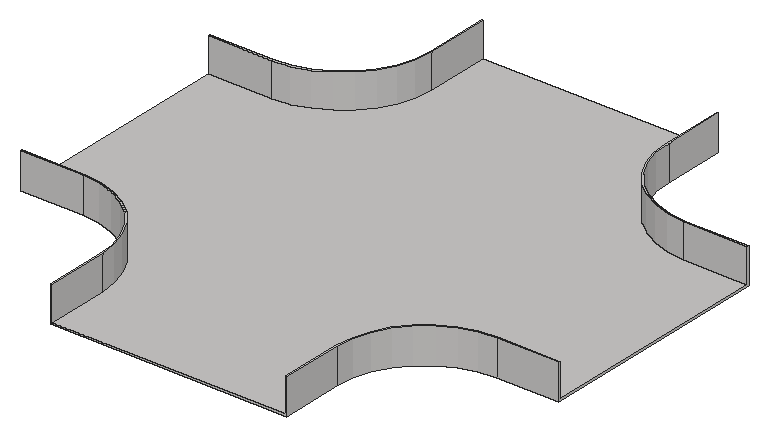
Revit family "Cable_Tray_Fitting-Solid_Tray-OBO_Bettermann-Channel_Horizontal_Cross_Over_400-600-MKS_Magic", category Cable Tray Fittings, Revit 2012
Parameters (values of type "Hot Dipped Galvanised")
  URL = "http://www.obo-bettermann.com/"
  Tray Width 3 [instance] = 400 mm
  Tray Width 1 [instance] = 400 mm
  Tray Length [instance] = 1.588 mm
  Tray Height [instance] = 60 mm
  built-in parameter 1140111 [instance] = 2.58 mm
  Radius Label 1 = Radius + 2.6 mm  # 152.6 mm
  Radius Label [instance] = Radius  # 150 mm
  Radius = 150 mm
  Product Page URL = "http://catalog2.obo-bettermann.com/catalogue/catalogue.do?favOid=kts_315277&act=showIO&lang=en&action=start&catId=KTS&forward=showSolutionView"
  Product Documentation Link = ""
  Pre Galvanized = yes
  Model = "MKS-Magic"
  Manufacturer = "OBO Bettermann"
  Description = "Solid Cable tray"
  Connector Description 4 = "Connector for Cable Tray 4"  # constant formula
  Connector Description 3 = "Connector for Cable Tray 3"  # constant formula
  Connector Description 2 = "Connector for Cable Tray 2"  # constant formula
  Connector Description = "Connector for Cable Tray 1"  # constant formula
  Classification = "Refer to online Catalog for UL and cUL classifed sizes and wire sizes."
  Cable Tray Material = Metal - OBO Bettermann - Hot-Dipped-Galvanised
  Assembly Code = "D5030600"
Types (2, lengths in mm): name | Cable Tray Material
  Stripped Galvanised | Metal - OBO Bettermann - Strip-Galvanised
  Hot Dipped Galvanised | Metal - OBO Bettermann - Hot-Dipped-Galvanised
Reference planes
  plane 1 "Center (Front/Back)": y = 0
  plane 2: z = 0
  plane 3 "Center (Left/Right)": x = 0
  plane 4: y = 200
  plane 5: y = -200
  plane 6: z = 30
  plane 7: z = -30
  plane 8: y = -453.413
  plane 9: x = -200
  plane 10: x = 200
  plane 11: x = -453.412
  plane 12: x = 453.413
  plane 13: y = -197.42
  plane 14: y = 197.42
  plane 15: y = -455
  plane 16: x = -197.42
  plane 17: x = 197.42
  plane 18: x = -455
  plane 19: x = 455
  plane 20: z = -27.42
  plane 21: y = 453.412
  plane 22: y = 455
Forms (mm)
  Extrusion 1, solid, material "Metal - OBO Bettermann - Hot-Dipped-Galvanised" <- "Cable Tray Material", detail levels medium+fine
    sketch origin (377.212, 0, 0) x (1, 0, 0) y (0, 1, 0)
      loop
        line (-832.212, -197.42) -> (-832.212, -200) -> (-727.212, -200)
        arc (-727.212, -200) -> (-621.146, -243.934) -> (-577.212, -350) r 150
        line (-577.212, -350) -> (-577.212, -455) -> (-574.633, -455) -> (-574.633, -347.51)
        arc (-574.633, -347.51) -> (-619.308, -242.096) -> (-724.723, -197.42) r 152.6
        line (-724.723, -197.42) -> (-832.212, -197.42)
      loop
        line (-27.212, -200) -> (77.788, -200) -> (77.788, -197.42) -> (-29.702, -197.42)
        arc (-29.702, -197.42) -> (-135.117, -242.096) -> (-179.792, -347.51) r 152.6
        line (-179.792, -347.51) -> (-179.792, -455) -> (-177.212, -455) -> (-177.212, -350)
        arc (-177.212, -350) -> (-133.279, -243.934) -> (-27.212, -200) r 150
      loop
        line (-832.212, 197.42) -> (-724.723, 197.42)
        arc (-724.723, 197.42) -> (-619.308, 242.096) -> (-574.633, 347.51) r 152.6
        line (-574.633, 347.51) -> (-574.633, 455) -> (-577.212, 455) -> (-577.212, 350)
        arc (-577.212, 350) -> (-621.146, 243.934) -> (-727.212, 200) r 150
        line (-727.212, 200) -> (-832.212, 200) -> (-832.212, 197.42)
      loop
        arc (-27.212, 200) -> (-133.279, 243.934) -> (-177.212, 350) r 150
        line (-177.212, 350) -> (-177.212, 455) -> (-179.792, 455) -> (-179.792, 347.51)
        arc (-179.792, 347.51) -> (-135.117, 242.096) -> (-29.702, 197.42) r 152.6
        line (-29.702, 197.42) -> (77.788, 197.42) -> (77.788, 200) -> (-27.212, 200)
    from -30 to 30
  Extrusion 2, solid, material "Metal - OBO Bettermann - Hot-Dipped-Galvanised" <- "Cable Tray Material", detail levels medium+fine
    sketch origin (0, 0, 0) x (1, 0, 0) y (0, 1, 0)
      loop
        line (-455, 200) -> (-455, -200) -> (-350, -200)
        arc (-350, -200) -> (-243.934, -243.934) -> (-200, -350) r 150
        line (-200, -350) -> (-200, -455) -> (200, -455) -> (200, -350)
        arc (200, -350) -> (243.934, -243.934) -> (350, -200) r 150
        line (350, -200) -> (455, -200) -> (455, 200) -> (350, 200)
        arc (350, 200) -> (243.934, 243.934) -> (200, 350) r 150
        line (200, 350) -> (200, 455) -> (-200, 455) -> (-200, 350)
        arc (-200, 350) -> (-243.934, 243.934) -> (-350, 200) r 150
        line (-350, 200) -> (-455, 200)
    from -30 to -27.42
  Extrusion 3, solid, material "Metal - OBO Bettermann - Hot-Dipped-Galvanised" <- "Cable Tray Material", detail levels medium
    sketch origin (0, 0, 0) x (1, 0, 0) y (0, 1, 0)
      loop
        line (-455, 200) -> (-455, -200) -> (-350, -200)
        arc (-350, -200) -> (-243.934, -243.934) -> (-200, -350) r 150
        line (-200, -350) -> (-200, -455) -> (200, -455) -> (200, -350)
        arc (200, -350) -> (243.934, -243.934) -> (350, -200) r 150
        line (350, -200) -> (455, -200) -> (455, 200) -> (350, 200)
        arc (350, 200) -> (243.934, 243.934) -> (200, 350) r 150
        line (200, 350) -> (200, 455) -> (-200, 455) -> (-200, 350)
        arc (-200, 350) -> (-243.934, 243.934) -> (-350, 200) r 150
        line (-350, 200) -> (-455, 200)
    from -30 to 30
Cuts and joins
  joined: Extrusion 1, Extrusion 2
Lines and regions (mm)
  model lines, style "Coarse View", detail levels coarse
    curve 1: line (-455, 0, 0) -> (455, 0, 0)
    curve 2: line (0, 0, 0) -> (0, -455, 0)
    curve 3: line (0, 455, 0) -> (0, 0, 0)
  symbolic lines, detail levels fine
    curve 4: line (197.42, 455, 0) -> (197.42, 453.412, 0)
    curve 5: line (453.413, 197.42, 0) -> (455, 197.42, 0)
    curve 6: line (455, -197.42, 0) -> (453.413, -197.42, 0)
    curve 7: line (197.42, -453.413, 0) -> (197.42, -455, 0)
    curve 8: line (-197.42, -455, 0) -> (-197.42, -453.413, 0)
    curve 9: line (-453.412, -197.42, 0) -> (-455, -197.42, 0)
    curve 10: line (-200, -350, 0) -> (-200, -455, 0)
    curve 11: arc (-350, -200, 0) -> (-243.934, -243.934, 0) -> (-200, -350, 0) r 150
    curve 12: line (-455, -200, 0) -> (-350, -200, 0)
    curve 13: line (350, -200, 0) -> (455, -200, 0)
    curve 14: arc (200, -350, 0) -> (243.934, -243.934, 0) -> (350, -200, 0) r 150
    curve 15: line (200, -455, 0) -> (200, -350, 0)
    curve 16: line (200, 350, 0) -> (200, 455, 0)
    curve 17: arc (350, 200, 0) -> (243.934, 243.934, 0) -> (200, 350, 0) r 150
    curve 18: line (455, 200, 0) -> (350, 200, 0)
    curve 19: line (-350, 200, 0) -> (-455, 200, 0)
    curve 20: arc (-200, 350, 0) -> (-243.934, 243.934, 0) -> (-350, 200, 0) r 150
    curve 21: line (-200, 455, 0) -> (-200, 350, 0)
Dimensions and locks
  equal spacing: plane 4, plane 1 "Center (Front/Back)", plane 5
  "Tray Width 1": plane 4 to plane 5
  equal spacing: plane 6, plane 2, plane 7
  "Tray Height": plane 6 to plane 7
  equal spacing: plane 9, plane 3 "Center (Left/Right)", plane 10
  "Tray Width 3": plane 9 to plane 10
  "built-in parameter 1140111": plane 13 to plane 5
  "built-in parameter 1140111": plane 4 to plane 14
  "Tray Length": plane 8 to plane 15
  "built-in parameter 1140111": plane 9 to plane 16
  "built-in parameter 1140111": plane 17 to plane 10
  "Tray Length": plane 18 to plane 11
  "Tray Length": plane 12 to plane 19
  "built-in parameter 1140111": plane 20 to plane 7
  "Tray Length": plane 21 to plane 22
  locked: plane 18 to plane 9 at 255
  locked: plane 10 to plane 19 at 255
  equal spacing: plane 18, plane 3 "Center (Left/Right)", plane 19
  locked: plane 4 to plane 22 at 255
  locked: plane 5 to plane 15 at 255
  equal spacing: plane 15, plane 1 "Center (Front/Back)", plane 22
  "Radius Label": radius of Extrusion 3 sketch curve  (x4)
  "Radius Label": radius of Extrusion 1 sketch curve  (x4)
  "Radius Label 1": radius of Extrusion 1 sketch curve  (x4)
  aligned and locked: Extrusion 1 to plane 7
  aligned and locked: plane 6 to Extrusion 1
  aligned and locked: plane 5 to Extrusion 2 sketch curve
  aligned and locked: plane 19 to Extrusion 2 sketch curve
  aligned and locked: plane 9 to Extrusion 2 sketch curve
  aligned and locked: Extrusion 2 sketch curve to plane 15
  aligned and locked: Extrusion 2 to plane 7
  aligned and locked: plane 20 to Extrusion 2
  aligned and locked: plane 18 to Extrusion 3 sketch curve
  aligned and locked: Extrusion 3 sketch curve to plane 5
  aligned and locked: plane 4 to Extrusion 3 sketch curve  (x2)
  aligned and locked: plane 5 to Extrusion 3 sketch curve
  aligned and locked: plane 10 to Extrusion 3 sketch curve
  aligned and locked: plane 9 to Extrusion 3 sketch curve
  aligned and locked: Extrusion 3 sketch curve to plane 15
  aligned and locked: Extrusion 3 to plane 7
  aligned and locked: plane 6 to Extrusion 3
  aligned and locked: plane 19 to curve 1
  aligned and locked: plane 18 to curve 1
  aligned and locked: plane 15 to curve 2
  aligned and locked: plane 1 "Center (Front/Back)" to curve 2
  aligned and locked: curve 2 to plane 3 "Center (Left/Right)"
  aligned and locked: plane 22 to curve 3
  aligned and locked: curve 3 to plane 3 "Center (Left/Right)"
  aligned and locked: plane 18 to curve 9
  aligned and locked: plane 15 to curve 8
  aligned and locked: plane 15 to curve 7
  aligned and locked: plane 19 to curve 6
  aligned and locked: plane 19 to curve 5
  aligned and locked: plane 22 to curve 4
  aligned and locked: Extrusion 2 sketch curve to cut or joined group of Extrusion 1, Extrusion 2  (x8)
  aligned and locked: curve 11 to cut or joined group of Extrusion 1, Extrusion 2
  aligned and locked: curve 12 to cut or joined group of Extrusion 1, Extrusion 2
  aligned and locked: curve 14 to cut or joined group of Extrusion 1, Extrusion 2
  aligned and locked: curve 17 to cut or joined group of Extrusion 1, Extrusion 2
  aligned and locked: curve 18 to cut or joined group of Extrusion 1, Extrusion 2
  aligned and locked: curve 20 to cut or joined group of Extrusion 1, Extrusion 2
  aligned and locked: curve 21 to cut or joined group of Extrusion 1, Extrusion 2
Automatic sketch dimensions
  curve 9 to plane 11 = 0 mm
  curve 7 to plane 8 = 0 mm
  curve 7 to plane 17 = 0 mm
  curve 4 to plane 17 = 0 mm
  curve 6 to plane 13 = 0 mm
  curve 9 to plane 13 = 0 mm
  Extrusion 3 sketch curve to plane 9 = 0 mm
  Extrusion 3 sketch curve to plane 10 = 0 mm
  Extrusion 3 sketch curve to plane 19 = 0 mm
  plane 22 to Extrusion 3 sketch curve = 0 mm
  Extrusion 1 sketch curve to Extrusion 1 sketch curve = 0 mm  (x8)
  Extrusion 1 sketch curve to plane 13 = 0 mm  (x2)
  Extrusion 1 sketch curve to plane 18 = 0 mm  (x2)
  Extrusion 1 sketch curve to plane 4 = 0 mm  (x2)
  Extrusion 1 sketch curve to plane 5 = 0 mm  (x2)
  Extrusion 1 sketch curve to plane 14 = 0 mm  (x2)
  Extrusion 1 sketch curve to plane 9 = 0 mm  (x2)
  Extrusion 1 sketch curve to plane 16 = 0 mm  (x2)
  Extrusion 1 sketch curve to plane 17 = 0 mm  (x2)
  Extrusion 1 sketch curve to plane 10 = 0 mm  (x2)
  Extrusion 1 sketch curve to plane 19 = 0 mm  (x2)
  Extrusion 1 sketch curve to plane 15 = 0 mm  (x2)
  plane 22 to Extrusion 1 sketch curve = 0 mm  (x2)
  Extrusion 2 sketch curve to plane 18 = 0 mm
  plane 22 to Extrusion 2 sketch curve = 0 mm
  curve 10 to plane 15 = 0 mm
  curve 12 to plane 18 = 0 mm
  curve 8 to plane 8 = 0 mm
  curve 8 to plane 16 = 0 mm
  curve 6 to plane 12 = 0 mm
  curve 13 to plane 19 = 0 mm
  curve 15 to plane 15 = 0 mm
  plane 22 to curve 16 = 0 mm
  curve 18 to plane 19 = 0 mm
  curve 5 to plane 12 = 0 mm
  curve 5 to plane 14 = 0 mm
  plane 21 to curve 4 = 0 mm
  curve 19 to plane 18 = 0 mm
  plane 22 to curve 21 = 0 mm
Connectors
  cabletrayconduit at (-455, 0, 0), driven by "Tray Height", driven by "Tray Width 1", driven by "Connector Description"
    settings: on Extrusion 3, index 1, connector width 400 mm, connector height 60 mm, connector radius 304.8 mm, connector angle 0.00°, system type 32, placement type 0, profile type 1, connector reference index 2, is primary connector yes, connector utility param no, connector description "Connector for Cable Tray 1"
  cabletrayconduit at (455, 0, 0), driven by "Tray Height", driven by "Tray Width 1", driven by "Connector Description 2"
    settings: on Extrusion 3, index 2, connector width 400 mm, connector height 60 mm, connector radius 304.8 mm, connector angle 0.00°, system type 32, placement type 0, profile type 1, connector reference index 1, is primary connector no, connector utility param no, connector description "Connector for Cable Tray 2"
  cabletrayconduit at (0, -455, 0), driven by "Tray Height", driven by "Tray Width 3", driven by "Connector Description 3"
    settings: on Extrusion 3, index 3, connector width 400 mm, connector height 60 mm, connector radius 304.8 mm, connector angle 0.00°, system type 32, placement type 0, profile type 1, connector reference index 4, is primary connector no, connector utility param no, connector description "Connector for Cable Tray 3"
  cabletrayconduit at (0, 455, 0), driven by "Tray Height", driven by "Tray Width 3", driven by "Connector Description 4"
    settings: on Extrusion 3, index 4, connector width 400 mm, connector height 60 mm, connector radius 304.8 mm, connector angle 0.00°, system type 32, placement type 0, profile type 1, connector reference index 3, is primary connector no, connector utility param no, connector description "Connector for Cable Tray 4"
